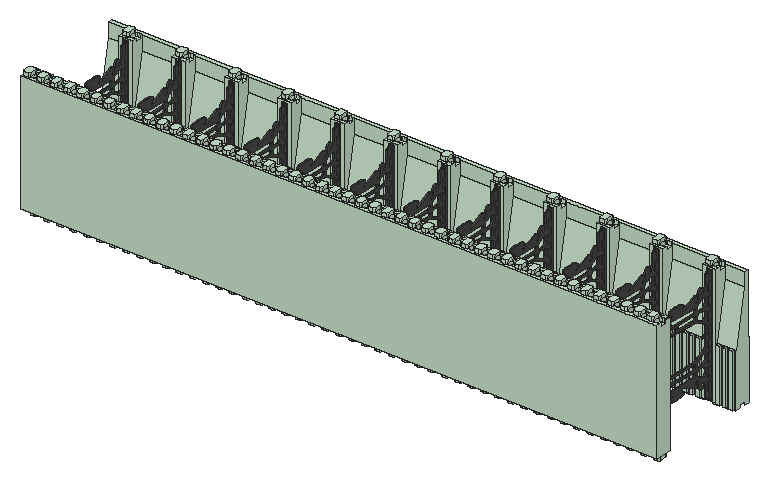
Revit family (continued)
Definition of nested family "12-inch Insert Web"
  Forms (in)
    Extrusion 2, solid, material "High Density Polystyrene"
      sketch origin (0, 0, 0) x (0, 1, 0) y (0, 0, 1)
        loop
          arc (3.63581, 3.29487) -> (3.47025, 3.76569) -> (3.96932, 3.76195) r 0.305
          arc (3.96932, 3.76195) -> (4.09808, 3.36509) -> (4.14171, 2.95014) r 2
          arc (4.14171, 2.95014) -> (4.25428, 2.50317) -> (4.60829, 2.20798) r 0.745
          arc (4.60829, 2.20798) -> (4.89426, 2.33052) -> (4.77171, 2.6165) r 0.22
          arc (4.77171, 2.6165) -> (4.73923, 3.16759) -> (5.1843, 2.84099) r 0.305
          arc (5.1843, 2.84099) -> (5.19232, 2.76711) -> (5.24086, 2.71085) r 0.125
          arc (5.24086, 2.71085) -> (5.43087, 2.511) -> (5.5, 2.24405) r 0.55
          line (5.5, 2.24405) -> (5.5, 0.66519) -> (5.6, 0.66519) -> (5.6, 0.63412)
          arc (5.6, 0.63412) -> (5.61433, 0.59952) -> (5.64893, 0.58519) r 0.04893
          line (5.64893, 0.58519) -> (5.77609, 0.58519) -> (5.825, 0.43519)
          arc (5.825, 0.43519) -> (5.875, 0.40519) -> (5.925, 0.43519) r 0.05667
          line (5.925, 0.43519) -> (6, 0.66519) -> (6, 17.20772)
        loop
          arc (3.02319, 4.29202) -> (3.16251, 4.2877) -> (3.3013, 4.27477) r 2.25
          arc (3.3013, 4.27477) -> (3.48148, 4.41353) -> (3.6, 4.60763) r 0.62421
          line (3.6, 4.60763) -> (3.6, 4.73363)
          arc (3.6, 4.73363) -> (3.4551, 4.96314) -> (3.22579, 5.10835) r 0.61747
          line (3.22579, 5.10835) -> (0, 5.10835) -> (-3.22579, 5.10835)
          arc (-3.22579, 5.10835) -> (-3.4551, 4.96314) -> (-3.6, 4.73363) r 0.61747
          line (-3.6, 4.73363) -> (-3.6, 4.60763)
          arc (-3.6, 4.60763) -> (-3.48148, 4.41353) -> (-3.3013, 4.27477) r 0.62421
          arc (-3.3013, 4.27477) -> (-3.16251, 4.2877) -> (-3.02319, 4.29202) r 2.25
          line (-3.02319, 4.29202) -> (0, 4.29202) -> (3.02319, 4.29202)
        loop
          line (4.08806, 4.02826) -> (4.96605, 3.61736)
          arc (4.96605, 3.61736) -> (5.32627, 3.64059) -> (5.5, 3.95701) r 0.375
          line (5.5, 3.95701) -> (5.5, 4.48373)
          arc (5.5, 4.48373) -> (5.31694, 4.92567) -> (4.875, 5.10873) r 0.625
          line (4.875, 5.10873) -> (4.3, 5.10873)
          arc (4.3, 5.10873) -> (3.94645, 4.96229) -> (3.8, 4.60873) r 0.5
          line (3.8, 4.60873) -> (3.8, 4.48112)
          arc (3.8, 4.48112) -> (3.87812, 4.21276) -> (4.08806, 4.02826) r 0.5
        loop
          line (5.5, 5.91373) -> (5.5, 6.44046)
          arc (5.5, 6.44046) -> (5.32627, 6.75687) -> (4.96605, 6.78011) r 0.375
          line (4.96605, 6.78011) -> (4.08806, 6.36921)
          arc (4.08806, 6.36921) -> (3.87812, 6.18471) -> (3.8, 5.91635) r 0.5
          line (3.8, 5.91635) -> (3.8, 5.78873)
          arc (3.8, 5.78873) -> (3.94645, 5.43518) -> (4.3, 5.28873) r 0.5
          line (4.3, 5.28873) -> (4.875, 5.28873)
          arc (4.875, 5.28873) -> (5.31694, 5.47179) -> (5.5, 5.91373) r 0.625
        loop
          arc (3.30123, 6.1222) -> (3.16288, 6.10935) -> (3.02401, 6.10506) r 2.25
          line (3.02401, 6.10506) -> (0, 6.10506) -> (-3.02401, 6.10506)
          arc (-3.02401, 6.10506) -> (-3.16288, 6.10935) -> (-3.30123, 6.1222) r 2.25
          arc (-3.30123, 6.1222) -> (-3.48146, 5.98344) -> (-3.6, 5.7893) r 0.62421
          line (-3.6, 5.7893) -> (-3.6, 5.66335)
          arc (-3.6, 5.66335) -> (-3.45481, 5.43354) -> (-3.225, 5.28835) r 0.61747
          line (-3.225, 5.28835) -> (0, 5.28835) -> (3.225, 5.28835)
          arc (3.225, 5.28835) -> (3.45481, 5.43354) -> (3.6, 5.66335) r 0.61747
          line (3.6, 5.66335) -> (3.6, 5.7893)
          arc (3.6, 5.7893) -> (3.48146, 5.98344) -> (3.30123, 6.1222) r 0.62421
        loop
          arc (-4.08806, 4.02826) -> (-3.87812, 4.21276) -> (-3.8, 4.48112) r 0.5
          line (-3.8, 4.48112) -> (-3.8, 4.60873)
          arc (-3.8, 4.60873) -> (-3.94645, 4.96229) -> (-4.3, 5.10873) r 0.5
          line (-4.3, 5.10873) -> (-4.875, 5.10873)
          arc (-4.875, 5.10873) -> (-5.31694, 4.92567) -> (-5.5, 4.48373) r 0.625
          line (-5.5, 4.48373) -> (-5.5, 3.95701)
          arc (-5.5, 3.95701) -> (-5.32627, 3.64059) -> (-4.96605, 3.61736) r 0.375
          line (-4.96605, 3.61736) -> (-4.08806, 4.02826)
        loop
          arc (-5.5, 5.91373) -> (-5.31694, 5.47179) -> (-4.875, 5.28873) r 0.625
          line (-4.875, 5.28873) -> (-4.3, 5.28873)
          arc (-4.3, 5.28873) -> (-3.94645, 5.43518) -> (-3.8, 5.78873) r 0.5
          line (-3.8, 5.78873) -> (-3.8, 5.91635)
          arc (-3.8, 5.91635) -> (-3.87812, 6.18471) -> (-4.08806, 6.36921) r 0.5
          line (-4.08806, 6.36921) -> (-4.96605, 6.78011)
          arc (-4.96605, 6.78011) -> (-5.32627, 6.75687) -> (-5.5, 6.44046) r 0.375
          line (-5.5, 6.44046) -> (-5.5, 5.91373)
        loop
          line (5.5, 7.54678) -> (5.5, 8.68765) -> (5.38, 8.88765) -> (5.38, 9) -> (5.38, 9.11235) -> (5.5, 9.31235) -> (5.5, 10.45322)
          arc (5.5, 10.45322) -> (5.42188, 10.72158) -> (5.21194, 10.90608) r 0.5
          line (5.21194, 10.90608) -> (3.95372, 11.49492)
          arc (3.95372, 11.49492) -> (3.48851, 11.65338) -> (3, 11.70705) r 2.25
          line (3, 11.70705) -> (0, 11.70705) -> (-3, 11.70705)
          arc (-3, 11.70705) -> (-3.48851, 11.65338) -> (-3.95372, 11.49492) r 2.25
          line (-3.95372, 11.49492) -> (-5.21194, 10.90608)
          arc (-5.21194, 10.90608) -> (-5.42188, 10.72158) -> (-5.5, 10.45322) r 0.5
          line (-5.5, 10.45322) -> (-5.5, 9.31235) -> (-5.38, 9.11235) -> (-5.38, 9) -> (-5.38, 8.88765) -> (-5.5, 8.68765) -> (-5.5, 7.54678)
          arc (-5.5, 7.54678) -> (-5.42188, 7.27842) -> (-5.21194, 7.09392) r 0.5
          line (-5.21194, 7.09392) -> (-3.95372, 6.50508)
          arc (-3.95372, 6.50508) -> (-3.48851, 6.34662) -> (-3, 6.29295) r 2.25
          line (-3, 6.29295) -> (0, 6.29295) -> (3, 6.29295)
          arc (3, 6.29295) -> (3.48851, 6.34662) -> (3.95372, 6.50508) r 2.25
          line (3.95372, 6.50508) -> (5.21194, 7.09392)
          arc (5.21194, 7.09392) -> (5.42188, 7.27842) -> (5.5, 7.54678) r 0.5
        loop
          line (3.02319, 13.70798) -> (0, 13.70798) -> (-3.02319, 13.70798)
          arc (-3.02319, 13.70798) -> (-3.16251, 13.7123) -> (-3.3013, 13.72523) r 2.25
          arc (-3.3013, 13.72523) -> (-3.48148, 13.58647) -> (-3.6, 13.39237) r 0.62421
          line (-3.6, 13.39237) -> (-3.6, 13.26637)
          arc (-3.6, 13.26637) -> (-3.4551, 13.03686) -> (-3.22579, 12.89165) r 0.61747
          line (-3.22579, 12.89165) -> (0, 12.89165) -> (3.22579, 12.89165)
          arc (3.22579, 12.89165) -> (3.4551, 13.03686) -> (3.6, 13.26637) r 0.61747
          line (3.6, 13.26637) -> (3.6, 13.39237)
          arc (3.6, 13.39237) -> (3.48148, 13.58647) -> (3.3013, 13.72523) r 0.62421
          arc (3.3013, 13.72523) -> (3.16251, 13.7123) -> (3.02319, 13.70798) r 2.25
        loop
          arc (4.08806, 13.97174) -> (3.87812, 13.78724) -> (3.8, 13.51888) r 0.5
          line (3.8, 13.51888) -> (3.8, 13.39127)
          arc (3.8, 13.39127) -> (3.94645, 13.03771) -> (4.3, 12.89127) r 0.5
          line (4.3, 12.89127) -> (4.875, 12.89127)
          arc (4.875, 12.89127) -> (5.31694, 13.07433) -> (5.5, 13.51627) r 0.625
          line (5.5, 13.51627) -> (5.5, 14.04299)
          arc (5.5, 14.04299) -> (5.32627, 14.35941) -> (4.96605, 14.38264) r 0.375
          line (4.96605, 14.38264) -> (4.08806, 13.97174)
        loop
          arc (5.5, 12.08627) -> (5.31694, 12.52821) -> (4.875, 12.71127) r 0.625
          line (4.875, 12.71127) -> (4.3, 12.71127)
          arc (4.3, 12.71127) -> (3.94645, 12.56482) -> (3.8, 12.21127) r 0.5
          line (3.8, 12.21127) -> (3.8, 12.08365)
          arc (3.8, 12.08365) -> (3.87812, 11.81529) -> (4.08806, 11.63079) r 0.5
          line (4.08806, 11.63079) -> (4.96605, 11.21989)
          arc (4.96605, 11.21989) -> (5.32627, 11.24313) -> (5.5, 11.55954) r 0.375
          line (5.5, 11.55954) -> (5.5, 12.08627)
        loop
          arc (3.30123, 11.8778) -> (3.48146, 12.01656) -> (3.6, 12.2107) r 0.62421
          line (3.6, 12.2107) -> (3.6, 12.33665)
          arc (3.6, 12.33665) -> (3.45481, 12.56646) -> (3.225, 12.71165) r 0.61747
          line (3.225, 12.71165) -> (0, 12.71165) -> (-3.225, 12.71165)
          arc (-3.225, 12.71165) -> (-3.45481, 12.56646) -> (-3.6, 12.33665) r 0.61747
          line (-3.6, 12.33665) -> (-3.6, 12.2107)
          arc (-3.6, 12.2107) -> (-3.48146, 12.01656) -> (-3.30123, 11.8778) r 0.62421
          arc (-3.30123, 11.8778) -> (-3.16288, 11.89065) -> (-3.02401, 11.89494) r 2.25
          line (-3.02401, 11.89494) -> (0, 11.89494) -> (3.02401, 11.89494)
          arc (3.02401, 11.89494) -> (3.16288, 11.89065) -> (3.30123, 11.8778) r 2.25
        loop
          line (-4.08806, 13.97174) -> (-4.96605, 14.38264)
          arc (-4.96605, 14.38264) -> (-5.32627, 14.35941) -> (-5.5, 14.04299) r 0.375
          line (-5.5, 14.04299) -> (-5.5, 13.51627)
          arc (-5.5, 13.51627) -> (-5.31694, 13.07433) -> (-4.875, 12.89127) r 0.625
          line (-4.875, 12.89127) -> (-4.3, 12.89127)
          arc (-4.3, 12.89127) -> (-3.94645, 13.03771) -> (-3.8, 13.39127) r 0.5
          line (-3.8, 13.39127) -> (-3.8, 13.51888)
          arc (-3.8, 13.51888) -> (-3.87812, 13.78724) -> (-4.08806, 13.97174) r 0.5
        loop
          line (-5.5, 12.08627) -> (-5.5, 11.55954)
          arc (-5.5, 11.55954) -> (-5.32627, 11.24313) -> (-4.96605, 11.21989) r 0.375
          line (-4.96605, 11.21989) -> (-4.08806, 11.63079)
          arc (-4.08806, 11.63079) -> (-3.87812, 11.81529) -> (-3.8, 12.08365) r 0.5
          line (-3.8, 12.08365) -> (-3.8, 12.21127)
          arc (-3.8, 12.21127) -> (-3.94645, 12.56482) -> (-4.3, 12.71127) r 0.5
          line (-4.3, 12.71127) -> (-4.875, 12.71127)
          arc (-4.875, 12.71127) -> (-5.31694, 12.52821) -> (-5.5, 12.08627) r 0.625
      from 0.125 to -0.125
    Extrusion 3, solid, material "High Density Polystyrene"
      sketch origin (0, 0, 0) x (0, 1, 0) y (0, 0, 1)
        loop
          line (6.21, 16.17792) -> (5.71, 16.17792) -> (5.71, 14.97792) -> (6.21, 14.97792) -> (6.21, 16.17792)
        loop
          line (6.21, 14.22792) -> (5.71, 14.22792) -> (5.71, 13.02792) -> (6.21, 13.02792) -> (6.21, 14.22792)
        loop
          line (6.21, 12.27792) -> (5.71, 12.27792) -> (5.71, 11.07792) -> (6.21, 11.07792) -> (6.21, 12.27792)
        loop
          line (6.21, 10.32792) -> (5.71, 10.32792) -> (5.71, 9.24792) -> (6.21, 9.24792) -> (6.21, 10.32792)
        loop
          line (6.21, 8.49792) -> (5.71, 8.49792) -> (5.71, 7.41792) -> (6.21, 7.41792) -> (6.21, 8.49792)
        loop
          line (6.21, 6.66792) -> (5.71, 6.66792) -> (5.71, 5.46792) -> (6.21, 5.46792) -> (6.21, 6.66792)
        loop
          line (6.21, 4.71792) -> (5.71, 4.71792) -> (5.71, 3.51792) -> (6.21, 3.51792) -> (6.21, 4.71792)
        loop
          line (6.21, 2.76792) -> (5.71, 2.76792) -> (5.71, 1.56792) -> (6.21, 1.56792) -> (6.21, 2.76792)
        loop
          line (-6.21, 16.17792) -> (-6.21, 14.97792) -> (-5.71, 14.97792) -> (-5.71, 16.17792) -> (-6.21, 16.17792)
        loop
          line (-6.21, 14.22792) -> (-6.21, 13.02792) -> (-5.71, 13.02792) -> (-5.71, 14.22792) -> (-6.21, 14.22792)
        loop
          line (-6.21, 12.27792) -> (-6.21, 11.07792) -> (-5.71, 11.07792) -> (-5.71, 12.27792) -> (-6.21, 12.27792)
        loop
          line (-6.21, 10.32792) -> (-6.21, 9.24792) -> (-5.71, 9.24792) -> (-5.71, 10.32792) -> (-6.21, 10.32792)
        loop
          line (-6.21, 8.49792) -> (-6.21, 7.41792) -> (-5.71, 7.41792) -> (-5.71, 8.49792) -> (-6.21, 8.49792)
        loop
          line (-6.21, 6.66792) -> (-6.21, 5.46792) -> (-5.71, 5.46792) -> (-5.71, 6.66792) -> (-6.21, 6.66792)
        loop
          line (-6.21, 4.71792) -> (-6.21, 3.51792) -> (-5.71, 3.51792) -> (-5.71, 4.71792) -> (-6.21, 4.71792)
        loop
          line (-6.21, 2.76792) -> (-6.21, 1.56792) -> (-5.71, 1.56792) -> (-5.71, 2.76792) -> (-6.21, 2.76792)
      from 0.25 to -0.25
    Extrusion 4, void
      sketch origin (0, 3, 0) x (1, 0, 0) y (0, 1, 0)
        loop
          line (-0.25, 2.79249) -> (-0.25, 2.71) -> (-0.1675, 2.71)
          arc (-0.1675, 2.71) -> (-0.22584, 2.73416) -> (-0.25, 2.79249) r 0.0825
      from 0 to 18
    Extrusion 5, void
      sketch origin (0, 3, 0) x (-1, 0, 0) y (0, -1, 0)
        loop
          arc (-0.25, -2.79249) -> (-0.22584, -2.73416) -> (-0.1675, -2.71) r 0.0825
          line (-0.1675, -2.71) -> (-0.25, -2.71) -> (-0.25, -2.79249)
      from 0 to 18
    Extrusion 6, void
      sketch origin (0, -3, 0) x (1, 0, 0) y (0, 1, 0)
        loop
          arc (-0.25, -2.79249) -> (-0.22584, -2.73416) -> (-0.1675, -2.71) r 0.0825
          line (-0.1675, -2.71) -> (-0.25, -2.71) -> (-0.25, -2.79249)
      from 0 to 18
    Extrusion 7, void
      sketch origin (0, -3, 0) x (-1, 0, 0) y (0, -1, 0)
        loop
          line (-0.25, 2.79249) -> (-0.25, 2.71) -> (-0.1675, 2.71)
          arc (-0.1675, 2.71) -> (-0.22584, 2.73416) -> (-0.25, 2.79249) r 0.0825
      from 0 to 18
  Cuts and joins
    Extrusion 4, Extrusion 5, Extrusion 6, Extrusion 7 cuts Extrusion 1
    Extrusion 4, Extrusion 5, Extrusion 6, Extrusion 7 cuts Extrusion 3
Definition of nested family "NUDURA Diamond Pattern"
  Reference planes (in)
    plane 1 "Center (Front/Back)": y = 0
    plane 2: z = 0
    plane 3 "Center (Left/Right)": x = 0
    plane 4: z = 18
  Lines and regions (in)
    model lines
      curve 1: line (8, -5.625, 18) -> (8, -5.625, 0)
      curve 2: line (6, -5.625, 18) -> (6, -5.625, 0)
      curve 3: line (2, -5.625, 18) -> (2, -5.625, 0)
      curve 4: line (3.35367, -5.625, 16.98484) -> (3.69709, -5.625, 16.64142)
      curve 5: arc (3.35367, -5.625, 17.51517) -> (3.24384, -5.625, 17.25) -> (3.35367, -5.625, 16.98484) r 0.375
      curve 6: line (3.72867, -5.625, 17.89017) -> (3.35367, -5.625, 17.51517)
      curve 7: arc (4.259, -5.625, 17.89017) -> (3.99384, -5.625, 18) -> (3.72867, -5.625, 17.89017) r 0.375
      curve 8: line (4.634, -5.625, 17.51517) -> (4.259, -5.625, 17.89017)
      curve 9: arc (4.634, -5.625, 16.98484) -> (4.74384, -5.625, 17.25) -> (4.634, -5.625, 17.51517) r 0.375
      curve 10: line (4.29059, -5.625, 16.64142) -> (4.634, -5.625, 16.98484)
      curve 11: arc (4.17062, -5.625, 17.80178) -> (3.99384, -5.625, 17.875) -> (3.81706, -5.625, 17.80178) r 0.25
      curve 12: line (4.54562, -5.625, 17.42678) -> (4.17062, -5.625, 17.80178)
      curve 13: arc (4.54562, -5.625, 17.07322) -> (4.61884, -5.625, 17.25) -> (4.54562, -5.625, 17.42678) r 0.25
      curve 14: line (4.17062, -5.625, 16.69822) -> (4.54562, -5.625, 17.07322)
      curve 15: arc (3.81706, -5.625, 16.69822) -> (3.99384, -5.625, 16.625) -> (4.17062, -5.625, 16.69822) r 0.25
      curve 16: line (3.44206, -5.625, 17.07322) -> (3.81706, -5.625, 16.69822)
      curve 17: arc (3.44206, -5.625, 17.42678) -> (3.36884, -5.625, 17.25) -> (3.44206, -5.625, 17.07322) r 0.25
      curve 18: line (3.81706, -5.625, 17.80178) -> (3.44206, -5.625, 17.42678)
      curve 19: arc (3.69709, -5.625, 16.35858) -> (3.75567, -5.625, 16.5) -> (3.69709, -5.625, 16.64142) r 0.2
      curve 20: line (4.634, -5.625, 16.01517) -> (4.29059, -5.625, 16.35858)
      curve 21: arc (4.634, -5.625, 15.48484) -> (4.74384, -5.625, 15.75) -> (4.634, -5.625, 16.01517) r 0.375
      curve 22: line (4.29059, -5.625, 15.14142) -> (4.634, -5.625, 15.48484)
      curve 23: line (3.35367, -5.625, 15.48484) -> (3.69709, -5.625, 15.14142)
      curve 24: arc (3.35367, -5.625, 16.01517) -> (3.24384, -5.625, 15.75) -> (3.35367, -5.625, 15.48484) r 0.375
      curve 25: line (3.69709, -5.625, 16.35858) -> (3.35367, -5.625, 16.01517)
      curve 26: arc (4.17062, -5.625, 16.30178) -> (3.99384, -5.625, 16.375) -> (3.81706, -5.625, 16.30178) r 0.25
      curve 27: line (3.81706, -5.625, 16.30178) -> (3.44206, -5.625, 15.92678)
      curve 28: arc (3.44206, -5.625, 15.92678) -> (3.36884, -5.625, 15.75) -> (3.44206, -5.625, 15.57322) r 0.25
      curve 29: line (3.44206, -5.625, 15.57322) -> (3.81706, -5.625, 15.19822)
      curve 30: arc (3.81706, -5.625, 15.19822) -> (3.99384, -5.625, 15.125) -> (4.17062, -5.625, 15.19822) r 0.25
      curve 31: line (4.17062, -5.625, 15.19822) -> (4.54562, -5.625, 15.57322)
      curve 32: arc (4.54562, -5.625, 15.57322) -> (4.61884, -5.625, 15.75) -> (4.54562, -5.625, 15.92678) r 0.25
      curve 33: line (4.54562, -5.625, 15.92678) -> (4.17062, -5.625, 16.30178)
      curve 34: arc (3.69709, -5.625, 14.85858) -> (3.75567, -5.625, 15) -> (3.69709, -5.625, 15.14142) r 0.2
      curve 35: line (4.634, -5.625, 14.51517) -> (4.29059, -5.625, 14.85858)
      curve 36: arc (4.634, -5.625, 13.98484) -> (4.74384, -5.625, 14.25) -> (4.634, -5.625, 14.51517) r 0.375
      curve 37: line (4.29059, -5.625, 13.64142) -> (4.634, -5.625, 13.98484)
      curve 38: line (3.35367, -5.625, 13.98484) -> (3.69709, -5.625, 13.64142)
      curve 39: arc (3.35367, -5.625, 14.51517) -> (3.24384, -5.625, 14.25) -> (3.35367, -5.625, 13.98484) r 0.375
      curve 40: line (3.69709, -5.625, 14.85858) -> (3.35367, -5.625, 14.51517)
      curve 41: arc (4.17062, -5.625, 14.80178) -> (3.99384, -5.625, 14.875) -> (3.81706, -5.625, 14.80178) r 0.25
      curve 42: line (3.81706, -5.625, 14.80178) -> (3.44206, -5.625, 14.42678)
      curve 43: arc (3.44206, -5.625, 14.42678) -> (3.36884, -5.625, 14.25) -> (3.44206, -5.625, 14.07322) r 0.25
      curve 44: line (3.44206, -5.625, 14.07322) -> (3.81706, -5.625, 13.69822)
      curve 45: arc (3.81706, -5.625, 13.69822) -> (3.99384, -5.625, 13.625) -> (4.17062, -5.625, 13.69822) r 0.25
      curve 46: line (4.17062, -5.625, 13.69822) -> (4.54562, -5.625, 14.07322)
      curve 47: arc (4.54562, -5.625, 14.07322) -> (4.61884, -5.625, 14.25) -> (4.54562, -5.625, 14.42678) r 0.25
      curve 48: line (4.54562, -5.625, 14.42678) -> (4.17062, -5.625, 14.80178)
      curve 49: arc (3.69709, -5.625, 13.35858) -> (3.75567, -5.625, 13.5) -> (3.69709, -5.625, 13.64142) r 0.2
      curve 50: line (4.634, -5.625, 13.01517) -> (4.29059, -5.625, 13.35858)
      curve 51: arc (4.634, -5.625, 12.48484) -> (4.74384, -5.625, 12.75) -> (4.634, -5.625, 13.01517) r 0.375
      curve 52: line (4.29059, -5.625, 12.14142) -> (4.634, -5.625, 12.48484)
      curve 53: line (3.35367, -5.625, 12.48484) -> (3.69709, -5.625, 12.14142)
      curve 54: arc (3.35367, -5.625, 13.01517) -> (3.24384, -5.625, 12.75) -> (3.35367, -5.625, 12.48484) r 0.375
      curve 55: line (3.69709, -5.625, 13.35858) -> (3.35367, -5.625, 13.01517)
      curve 56: arc (4.17062, -5.625, 13.30178) -> (3.99384, -5.625, 13.375) -> (3.81706, -5.625, 13.30178) r 0.25
      curve 57: line (3.81706, -5.625, 13.30178) -> (3.44206, -5.625, 12.92678)
      curve 58: arc (3.44206, -5.625, 12.92678) -> (3.36884, -5.625, 12.75) -> (3.44206, -5.625, 12.57322) r 0.25
      curve 59: line (3.44206, -5.625, 12.57322) -> (3.81706, -5.625, 12.19822)
      curve 60: arc (3.81706, -5.625, 12.19822) -> (3.99384, -5.625, 12.125) -> (4.17062, -5.625, 12.19822) r 0.25
      curve 61: line (4.17062, -5.625, 12.19822) -> (4.54562, -5.625, 12.57322)
      curve 62: arc (4.54562, -5.625, 12.57322) -> (4.61884, -5.625, 12.75) -> (4.54562, -5.625, 12.92678) r 0.25
      curve 63: line (4.54562, -5.625, 12.92678) -> (4.17062, -5.625, 13.30178)
      curve 64: arc (3.69709, -5.625, 11.85858) -> (3.75567, -5.625, 12) -> (3.69709, -5.625, 12.14142) r 0.2
      curve 65: line (4.634, -5.625, 11.51517) -> (4.29059, -5.625, 11.85858)
      curve 66: arc (4.634, -5.625, 10.98484) -> (4.74384, -5.625, 11.25) -> (4.634, -5.625, 11.51517) r 0.375
      curve 67: line (4.29059, -5.625, 10.64142) -> (4.634, -5.625, 10.98484)
      curve 68: line (3.35367, -5.625, 10.98484) -> (3.69709, -5.625, 10.64142)
      curve 69: arc (3.35367, -5.625, 11.51517) -> (3.24384, -5.625, 11.25) -> (3.35367, -5.625, 10.98484) r 0.375
      curve 70: line (3.69709, -5.625, 11.85858) -> (3.35367, -5.625, 11.51517)
      curve 71: arc (4.17062, -5.625, 11.80178) -> (3.99384, -5.625, 11.875) -> (3.81706, -5.625, 11.80178) r 0.25
      curve 72: line (3.81706, -5.625, 11.80178) -> (3.44206, -5.625, 11.42678)
      curve 73: arc (3.44206, -5.625, 11.42678) -> (3.36884, -5.625, 11.25) -> (3.44206, -5.625, 11.07322) r 0.25
      curve 74: line (3.44206, -5.625, 11.07322) -> (3.81706, -5.625, 10.69822)
      curve 75: arc (3.81706, -5.625, 10.69822) -> (3.99384, -5.625, 10.625) -> (4.17062, -5.625, 10.69822) r 0.25
      curve 76: line (4.17062, -5.625, 10.69822) -> (4.54562, -5.625, 11.07322)
      curve 77: arc (4.54562, -5.625, 11.07322) -> (4.61884, -5.625, 11.25) -> (4.54562, -5.625, 11.42678) r 0.25
      curve 78: line (4.54562, -5.625, 11.42678) -> (4.17062, -5.625, 11.80178)
      curve 79: arc (3.69709, -5.625, 10.35858) -> (3.75567, -5.625, 10.5) -> (3.69709, -5.625, 10.64142) r 0.2
      curve 80: line (4.634, -5.625, 10.01517) -> (4.29059, -5.625, 10.35858)
      curve 81: arc (4.634, -5.625, 9.48484) -> (4.74384, -5.625, 9.75) -> (4.634, -5.625, 10.01517) r 0.375
      curve 82: line (4.29059, -5.625, 9.14142) -> (4.634, -5.625, 9.48484)
      curve 83: line (3.35367, -5.625, 9.48484) -> (3.69709, -5.625, 9.14142)
      curve 84: arc (3.35367, -5.625, 10.01517) -> (3.24384, -5.625, 9.75) -> (3.35367, -5.625, 9.48484) r 0.375
      curve 85: line (3.69709, -5.625, 10.35858) -> (3.35367, -5.625, 10.01517)
      curve 86: arc (4.17062, -5.625, 10.30178) -> (3.99384, -5.625, 10.375) -> (3.81706, -5.625, 10.30178) r 0.25
      curve 87: line (3.81706, -5.625, 10.30178) -> (3.44206, -5.625, 9.92678)
      curve 88: arc (3.44206, -5.625, 9.92678) -> (3.36884, -5.625, 9.75) -> (3.44206, -5.625, 9.57322) r 0.25
      curve 89: line (3.44206, -5.625, 9.57322) -> (3.81706, -5.625, 9.19822)
      curve 90: arc (3.81706, -5.625, 9.19822) -> (3.99384, -5.625, 9.125) -> (4.17062, -5.625, 9.19822) r 0.25
      curve 91: line (4.17062, -5.625, 9.19822) -> (4.54562, -5.625, 9.57322)
      curve 92: arc (4.54562, -5.625, 9.57322) -> (4.61884, -5.625, 9.75) -> (4.54562, -5.625, 9.92678) r 0.25
      curve 93: line (4.54562, -5.625, 9.92678) -> (4.17062, -5.625, 10.30178)
      curve 94: arc (3.69709, -5.625, 8.85858) -> (3.75567, -5.625, 9) -> (3.69709, -5.625, 9.14142) r 0.2
      curve 95: line (4.634, -5.625, 8.51517) -> (4.29059, -5.625, 8.85858)
      curve 96: arc (4.634, -5.625, 7.98484) -> (4.74384, -5.625, 8.25) -> (4.634, -5.625, 8.51517) r 0.375
      curve 97: line (4.29059, -5.625, 7.64142) -> (4.634, -5.625, 7.98484)
      curve 98: line (3.35367, -5.625, 7.98484) -> (3.69709, -5.625, 7.64142)
      curve 99: arc (3.35367, -5.625, 8.51517) -> (3.24384, -5.625, 8.25) -> (3.35367, -5.625, 7.98484) r 0.375
      curve 100: line (3.69709, -5.625, 8.85858) -> (3.35367, -5.625, 8.51517)
      curve 101: arc (4.17062, -5.625, 8.80178) -> (3.99384, -5.625, 8.875) -> (3.81706, -5.625, 8.80178) r 0.25
      curve 102: line (3.81706, -5.625, 8.80178) -> (3.44206, -5.625, 8.42678)
      curve 103: arc (3.44206, -5.625, 8.42678) -> (3.36884, -5.625, 8.25) -> (3.44206, -5.625, 8.07322) r 0.25
      curve 104: line (3.44206, -5.625, 8.07322) -> (3.81706, -5.625, 7.69822)
      curve 105: arc (3.81706, -5.625, 7.69822) -> (3.99384, -5.625, 7.625) -> (4.17062, -5.625, 7.69822) r 0.25
      curve 106: line (4.17062, -5.625, 7.69822) -> (4.54562, -5.625, 8.07322)
      curve 107: arc (4.54562, -5.625, 8.07322) -> (4.61884, -5.625, 8.25) -> (4.54562, -5.625, 8.42678) r 0.25
      curve 108: line (4.54562, -5.625, 8.42678) -> (4.17062, -5.625, 8.80178)
      curve 109: arc (3.69709, -5.625, 7.35858) -> (3.75567, -5.625, 7.5) -> (3.69709, -5.625, 7.64142) r 0.2
      curve 110: line (4.634, -5.625, 7.01517) -> (4.29059, -5.625, 7.35858)
      curve 111: arc (4.634, -5.625, 6.48484) -> (4.74384, -5.625, 6.75) -> (4.634, -5.625, 7.01517) r 0.375
      curve 112: line (4.29059, -5.625, 6.14142) -> (4.634, -5.625, 6.48484)
      curve 113: line (3.35367, -5.625, 6.48484) -> (3.69709, -5.625, 6.14142)
      curve 114: arc (3.35367, -5.625, 7.01517) -> (3.24384, -5.625, 6.75) -> (3.35367, -5.625, 6.48484) r 0.375
      curve 115: line (3.69709, -5.625, 7.35858) -> (3.35367, -5.625, 7.01517)
      curve 116: arc (4.17062, -5.625, 7.30178) -> (3.99384, -5.625, 7.375) -> (3.81706, -5.625, 7.30178) r 0.25
      curve 117: line (3.81706, -5.625, 7.30178) -> (3.44206, -5.625, 6.92678)
      curve 118: arc (3.44206, -5.625, 6.92678) -> (3.36884, -5.625, 6.75) -> (3.44206, -5.625, 6.57322) r 0.25
      curve 119: line (3.44206, -5.625, 6.57322) -> (3.81706, -5.625, 6.19822)
      curve 120: arc (3.81706, -5.625, 6.19822) -> (3.99384, -5.625, 6.125) -> (4.17062, -5.625, 6.19822) r 0.25
      curve 121: line (4.17062, -5.625, 6.19822) -> (4.54562, -5.625, 6.57322)
      curve 122: arc (4.54562, -5.625, 6.57322) -> (4.61884, -5.625, 6.75) -> (4.54562, -5.625, 6.92678) r 0.25
      curve 123: line (4.54562, -5.625, 6.92678) -> (4.17062, -5.625, 7.30178)
      curve 124: arc (3.69709, -5.625, 5.85858) -> (3.75567, -5.625, 6) -> (3.69709, -5.625, 6.14142) r 0.2
      curve 125: line (4.634, -5.625, 5.51517) -> (4.29059, -5.625, 5.85858)
      curve 126: arc (4.634, -5.625, 4.98484) -> (4.74384, -5.625, 5.25) -> (4.634, -5.625, 5.51517) r 0.375
      curve 127: line (4.29059, -5.625, 4.64142) -> (4.634, -5.625, 4.98484)
      curve 128: line (3.35367, -5.625, 4.98484) -> (3.69709, -5.625, 4.64142)
      curve 129: arc (3.35367, -5.625, 5.51517) -> (3.24384, -5.625, 5.25) -> (3.35367, -5.625, 4.98484) r 0.375
      curve 130: line (3.69709, -5.625, 5.85858) -> (3.35367, -5.625, 5.51517)
      curve 131: arc (4.17062, -5.625, 5.80178) -> (3.99384, -5.625, 5.875) -> (3.81706, -5.625, 5.80178) r 0.25
      curve 132: line (3.81706, -5.625, 5.80178) -> (3.44206, -5.625, 5.42678)
      curve 133: arc (3.44206, -5.625, 5.42678) -> (3.36884, -5.625, 5.25) -> (3.44206, -5.625, 5.07322) r 0.25
      curve 134: line (3.44206, -5.625, 5.07322) -> (3.81706, -5.625, 4.69822)
      curve 135: arc (3.81706, -5.625, 4.69822) -> (3.99384, -5.625, 4.625) -> (4.17062, -5.625, 4.69822) r 0.25
      curve 136: line (4.17062, -5.625, 4.69822) -> (4.54562, -5.625, 5.07322)
      curve 137: arc (4.54562, -5.625, 5.07322) -> (4.61884, -5.625, 5.25) -> (4.54562, -5.625, 5.42678) r 0.25
      curve 138: line (4.54562, -5.625, 5.42678) -> (4.17062, -5.625, 5.80178)
      curve 139: arc (3.69709, -5.625, 4.35858) -> (3.75567, -5.625, 4.5) -> (3.69709, -5.625, 4.64142) r 0.2
      curve 140: line (4.634, -5.625, 4.01517) -> (4.29059, -5.625, 4.35858)
      curve 141: arc (4.634, -5.625, 3.48484) -> (4.74384, -5.625, 3.75) -> (4.634, -5.625, 4.01517) r 0.375
      curve 142: line (4.29059, -5.625, 3.14142) -> (4.634, -5.625, 3.48484)
      curve 143: line (3.35367, -5.625, 3.48484) -> (3.69709, -5.625, 3.14142)
      curve 144: arc (3.35367, -5.625, 4.01517) -> (3.24384, -5.625, 3.75) -> (3.35367, -5.625, 3.48484) r 0.375
      curve 145: line (3.69709, -5.625, 4.35858) -> (3.35367, -5.625, 4.01517)
      curve 146: arc (4.17062, -5.625, 4.30178) -> (3.99384, -5.625, 4.375) -> (3.81706, -5.625, 4.30178) r 0.25
      curve 147: line (3.81706, -5.625, 4.30178) -> (3.44206, -5.625, 3.92678)
      curve 148: arc (3.44206, -5.625, 3.92678) -> (3.36884, -5.625, 3.75) -> (3.44206, -5.625, 3.57322) r 0.25
      curve 149: line (3.44206, -5.625, 3.57322) -> (3.81706, -5.625, 3.19822)
      curve 150: arc (3.81706, -5.625, 3.19822) -> (3.99384, -5.625, 3.125) -> (4.17062, -5.625, 3.19822) r 0.25
      curve 151: line (4.17062, -5.625, 3.19822) -> (4.54562, -5.625, 3.57322)
      curve 152: arc (4.54562, -5.625, 3.57322) -> (4.61884, -5.625, 3.75) -> (4.54562, -5.625, 3.92678) r 0.25
      curve 153: line (4.54562, -5.625, 3.92678) -> (4.17062, -5.625, 4.30178)
      curve 154: arc (3.69709, -5.625, 2.85858) -> (3.75567, -5.625, 3) -> (3.69709, -5.625, 3.14142) r 0.2
      curve 155: line (4.634, -5.625, 2.51517) -> (4.29059, -5.625, 2.85858)
      curve 156: arc (4.634, -5.625, 1.98484) -> (4.74384, -5.625, 2.25) -> (4.634, -5.625, 2.51517) r 0.375
      curve 157: line (4.29059, -5.625, 1.64142) -> (4.634, -5.625, 1.98484)
      curve 158: line (3.35367, -5.625, 1.98484) -> (3.69709, -5.625, 1.64142)
      curve 159: arc (3.35367, -5.625, 2.51517) -> (3.24384, -5.625, 2.25) -> (3.35367, -5.625, 1.98484) r 0.375
      curve 160: line (3.69709, -5.625, 2.85858) -> (3.35367, -5.625, 2.51517)
      curve 161: arc (4.17062, -5.625, 2.80178) -> (3.99384, -5.625, 2.875) -> (3.81706, -5.625, 2.80178) r 0.25
      curve 162: line (3.81706, -5.625, 2.80178) -> (3.44206, -5.625, 2.42678)
      curve 163: arc (3.44206, -5.625, 2.42678) -> (3.36884, -5.625, 2.25) -> (3.44206, -5.625, 2.07322) r 0.25
      curve 164: line (3.44206, -5.625, 2.07322) -> (3.81706, -5.625, 1.69822)
      curve 165: arc (3.81706, -5.625, 1.69822) -> (3.99384, -5.625, 1.625) -> (4.17062, -5.625, 1.69822) r 0.25
      curve 166: line (4.17062, -5.625, 1.69822) -> (4.54562, -5.625, 2.07322)
      curve 167: arc (4.54562, -5.625, 2.07322) -> (4.61884, -5.625, 2.25) -> (4.54562, -5.625, 2.42678) r 0.25
      curve 168: line (4.54562, -5.625, 2.42678) -> (4.17062, -5.625, 2.80178)
      curve 169: arc (3.69709, -5.625, 1.35858) -> (3.75567, -5.625, 1.5) -> (3.69709, -5.625, 1.64142) r 0.2
      curve 170: line (3.69709, -5.625, 1.35858) -> (3.35367, -5.625, 1.01517)
      curve 171: arc (3.35367, -5.625, 1.01517) -> (3.24384, -5.625, 0.75) -> (3.35367, -5.625, 0.48484) r 0.375
      curve 172: line (3.35367, -5.625, 0.48484) -> (3.72867, -5.625, 0.10984)
      curve 173: arc (3.72867, -5.625, 0.10984) -> (3.99384, -5.625, 0) -> (4.259, -5.625, 0.10984) r 0.375
      curve 174: line (4.259, -5.625, 0.10984) -> (4.634, -5.625, 0.48484)
      curve 175: arc (4.634, -5.625, 0.48484) -> (4.74384, -5.625, 0.75) -> (4.634, -5.625, 1.01517) r 0.375
      curve 176: line (4.634, -5.625, 1.01517) -> (4.29059, -5.625, 1.35858)
      curve 177: arc (4.29059, -5.625, 1.64142) -> (4.23201, -5.625, 1.5) -> (4.29059, -5.625, 1.35858) r 0.2
      curve 178: arc (4.17062, -5.625, 1.30178) -> (3.99384, -5.625, 1.375) -> (3.81706, -5.625, 1.30178) r 0.25
      curve 179: line (4.54562, -5.625, 0.92678) -> (4.17062, -5.625, 1.30178)
      curve 180: arc (4.54562, -5.625, 0.57322) -> (4.61884, -5.625, 0.75) -> (4.54562, -5.625, 0.92678) r 0.25
      curve 181: line (4.17062, -5.625, 0.19822) -> (4.54562, -5.625, 0.57322)
      curve 182: arc (3.81706, -5.625, 0.19822) -> (3.99384, -5.625, 0.125) -> (4.17062, -5.625, 0.19822) r 0.25
      curve 183: line (3.44206, -5.625, 0.57322) -> (3.81706, -5.625, 0.19822)
      curve 184: arc (3.44206, -5.625, 0.92678) -> (3.36884, -5.625, 0.75) -> (3.44206, -5.625, 0.57322) r 0.25
      curve 185: line (3.81706, -5.625, 1.30178) -> (3.44206, -5.625, 0.92678)
      curve 186: arc (4.29059, -5.625, 3.14142) -> (4.23201, -5.625, 3) -> (4.29059, -5.625, 2.85858) r 0.2
      curve 187: arc (4.29059, -5.625, 4.64142) -> (4.23201, -5.625, 4.5) -> (4.29059, -5.625, 4.35858) r 0.2
      curve 188: arc (4.29059, -5.625, 6.14142) -> (4.23201, -5.625, 6) -> (4.29059, -5.625, 5.85858) r 0.2
      curve 189: arc (4.29059, -5.625, 7.64142) -> (4.23201, -5.625, 7.5) -> (4.29059, -5.625, 7.35858) r 0.2
      curve 190: arc (4.29059, -5.625, 9.14142) -> (4.23201, -5.625, 9) -> (4.29059, -5.625, 8.85858) r 0.2
      curve 191: arc (4.29059, -5.625, 10.64142) -> (4.23201, -5.625, 10.5) -> (4.29059, -5.625, 10.35858) r 0.2
      curve 192: arc (4.29059, -5.625, 12.14142) -> (4.23201, -5.625, 12) -> (4.29059, -5.625, 11.85858) r 0.2
      curve 193: arc (4.29059, -5.625, 13.64142) -> (4.23201, -5.625, 13.5) -> (4.29059, -5.625, 13.35858) r 0.2
      curve 194: arc (4.29059, -5.625, 15.14142) -> (4.23201, -5.625, 15) -> (4.29059, -5.625, 14.85858) r 0.2
      curve 195: arc (4.29059, -5.625, 16.64142) -> (4.23201, -5.625, 16.5) -> (4.29059, -5.625, 16.35858) r 0.2
Definition of nested family "NUDURA Logo Diamond"
  Reference planes (in)
    plane 1 "Center (Front/Back)": y = 0
    plane 2: z = 0
    plane 3 "Center (Left/Right)": x = 0
  Lines and regions (in)
    model lines
      curve 1: line (12.59848, 0, 17.50104) -> (12.24492, 0, 17.85459)
      curve 2: line (12.36113, 0, 16.76872) -> (12.59848, 0, 17.00607)
      curve 3: line (12.59848, 0, 16.00104) -> (12.36113, 0, 16.23839)
      curve 4: line (12.36113, 0, 15.26872) -> (12.59848, 0, 15.50607)
      curve 5: line (12.59848, 0, 14.50104) -> (12.36113, 0, 14.73839)
      curve 6: line (12.36113, 0, 13.76872) -> (12.59848, 0, 14.00607)
      curve 7: line (12.17421, 0, 13.28388) -> (12.71208, 0, 12.74602)
      curve 8: line (12.71208, 0, 12.74602) -> (12.78279, 0, 12.81673)
      curve 9: line (11.28279, 0, 12.74602) -> (11.82066, 0, 13.28388)
      curve 10: line (11.63374, 0, 13.23839) -> (11.21208, 0, 12.81673)
      curve 11: line (11.3964, 0, 14.00607) -> (11.63374, 0, 13.76872)
      curve 12: line (11.63374, 0, 14.73839) -> (11.3964, 0, 14.50104)
      curve 13: line (11.3964, 0, 15.50607) -> (11.63374, 0, 15.26872)
      curve 14: line (11.63374, 0, 16.23839) -> (11.3964, 0, 16.00104)
      curve 15: line (11.3964, 0, 17.00607) -> (11.63374, 0, 16.76872)
      curve 16: line (11.74995, 0, 17.85459) -> (11.3964, 0, 17.50104)
      curve 17: line (11.82066, 0, 17.78388) -> (11.46711, 0, 17.43033)
      curve 18: line (12.52777, 0, 17.43033) -> (12.17421, 0, 17.78388)
      curve 19: line (12.17421, 0, 16.72322) -> (12.52777, 0, 17.07678)
      curve 20: line (11.46711, 0, 17.07678) -> (11.82066, 0, 16.72322)
      curve 21: arc (11.3964, 0, 17.50104) -> (11.29388, 0, 17.25355) -> (11.3964, 0, 17.00607) r 0.35
      curve 22: arc (11.74995, 0, 17.85459) -> (11.99744, 0, 17.95711) -> (12.24492, 0, 17.85459) r 0.35
      curve 23: arc (11.46711, 0, 17.43033) -> (11.39388, 0, 17.25355) -> (11.46711, 0, 17.07678) r 0.25
      curve 24: arc (12.52777, 0, 17.43033) -> (12.60099, 0, 17.25355) -> (12.52777, 0, 17.07678) r 0.25
      curve 25: arc (12.17421, 0, 16.72322) -> (11.99744, 0, 16.65) -> (11.82066, 0, 16.72322) r 0.25
      curve 26: arc (11.82066, 0, 17.78388) -> (11.99744, 0, 17.85711) -> (12.17421, 0, 17.78388) r 0.25
      curve 27: arc (12.59848, 0, 17.50104) -> (12.70099, 0, 17.25355) -> (12.59848, 0, 17.00607) r 0.35
      curve 28: arc (11.63374, 0, 16.76872) -> (11.74358, 0, 16.50355) -> (11.63374, 0, 16.23839) r 0.375
      curve 29: arc (12.36113, 0, 16.76872) -> (12.2513, 0, 16.50355) -> (12.36113, 0, 16.23839) r 0.375
      curve 30: line (12.36113, 0, 15.26872) -> (12.59848, 0, 15.50607)
      curve 31: line (11.3964, 0, 15.50607) -> (11.63374, 0, 15.26872)
      curve 32: line (11.82066, 0, 16.28388) -> (11.46711, 0, 15.93033)
      curve 33: line (12.52777, 0, 15.93033) -> (12.17421, 0, 16.28388)
      curve 34: line (12.17421, 0, 15.22322) -> (12.52777, 0, 15.57678)
      curve 35: line (11.46711, 0, 15.57678) -> (11.82066, 0, 15.22322)
      curve 36: arc (11.3964, 0, 16.00104) -> (11.29388, 0, 15.75355) -> (11.3964, 0, 15.50607) r 0.35
      curve 37: arc (11.46711, 0, 15.93033) -> (11.39388, 0, 15.75355) -> (11.46711, 0, 15.57678) r 0.25
      curve 38: arc (12.52777, 0, 15.93033) -> (12.60099, 0, 15.75355) -> (12.52777, 0, 15.57678) r 0.25
      curve 39: arc (12.17421, 0, 15.22322) -> (11.99744, 0, 15.15) -> (11.82066, 0, 15.22322) r 0.25
      curve 40: arc (11.82066, 0, 16.28388) -> (11.99744, 0, 16.35711) -> (12.17421, 0, 16.28388) r 0.25
      curve 41: arc (12.59848, 0, 16.00104) -> (12.70099, 0, 15.75355) -> (12.59848, 0, 15.50607) r 0.35
      curve 42: line (11.63374, 0, 16.23839) -> (11.3964, 0, 16.00104)
      curve 43: line (12.59848, 0, 16.00104) -> (12.36113, 0, 16.23839)
      curve 44: arc (11.63374, 0, 15.26872) -> (11.74358, 0, 15.00355) -> (11.63374, 0, 14.73839) r 0.375
      curve 45: arc (12.36113, 0, 15.26872) -> (12.2513, 0, 15.00355) -> (12.36113, 0, 14.73839) r 0.375
      curve 46: line (12.36113, 0, 13.76872) -> (12.59848, 0, 14.00607)
      curve 47: line (11.3964, 0, 14.00607) -> (11.63374, 0, 13.76872)
      curve 48: line (11.82066, 0, 14.78388) -> (11.46711, 0, 14.43033)
      curve 49: line (12.52777, 0, 14.43033) -> (12.17421, 0, 14.78388)
      curve 50: line (12.17421, 0, 13.72322) -> (12.52777, 0, 14.07678)
      curve 51: line (11.46711, 0, 14.07678) -> (11.82066, 0, 13.72322)
      curve 52: arc (11.3964, 0, 14.50104) -> (11.29388, 0, 14.25355) -> (11.3964, 0, 14.00607) r 0.35
      curve 53: arc (11.46711, 0, 14.43033) -> (11.39388, 0, 14.25355) -> (11.46711, 0, 14.07678) r 0.25
      curve 54: arc (12.52777, 0, 14.43033) -> (12.60099, 0, 14.25355) -> (12.52777, 0, 14.07678) r 0.25
      curve 55: arc (12.17421, 0, 13.72322) -> (11.99744, 0, 13.65) -> (11.82066, 0, 13.72322) r 0.25
      curve 56: arc (11.82066, 0, 14.78388) -> (11.99744, 0, 14.85711) -> (12.17421, 0, 14.78388) r 0.25
      curve 57: arc (12.59848, 0, 14.50104) -> (12.70099, 0, 14.25355) -> (12.59848, 0, 14.00607) r 0.35
      curve 58: line (11.63374, 0, 14.73839) -> (11.3964, 0, 14.50104)
      curve 59: arc (11.63374, 0, 13.76872) -> (11.74358, 0, 13.50355) -> (11.63374, 0, 13.23839) r 0.375
      curve 60: arc (12.36113, 0, 13.76872) -> (12.2513, 0, 13.50355) -> (12.36113, 0, 13.23839) r 0.375
      curve 61: line (12.78279, 0, 12.81673) -> (12.36113, 0, 13.23839)
      curve 62: line (11.21208, 0, 12.81673) -> (11.28279, 0, 12.74602)
      curve 63: arc (11.82066, 0, 13.28388) -> (11.99744, 0, 13.35711) -> (12.17421, 0, 13.28388) r 0.25
      curve 64: line (12.59848, 0, 0.50607) -> (12.24492, 0, 0.15251)
      curve 65: line (12.36113, 0, 1.23839) -> (12.59848, 0, 1.00104)
      curve 66: line (12.59848, 0, 2.00607) -> (12.36113, 0, 1.76872)
      curve 67: line (12.36113, 0, 2.73839) -> (12.59848, 0, 2.50104)
      curve 68: line (12.59848, 0, 3.50607) -> (12.36113, 0, 3.26872)
      curve 69: line (12.36113, 0, 4.23839) -> (12.59848, 0, 4.00104)
      curve 70: line (12.17421, 0, 4.72322) -> (12.71208, 0, 5.26109)
      curve 71: line (12.71208, 0, 5.26109) -> (12.78279, 0, 5.19038)
      curve 72: line (11.28279, 0, 5.26109) -> (11.82066, 0, 4.72322)
      curve 73: line (11.63374, 0, 4.76872) -> (11.21208, 0, 5.19038)
      curve 74: line (11.3964, 0, 4.00104) -> (11.63374, 0, 4.23839)
      curve 75: line (11.63374, 0, 3.26872) -> (11.3964, 0, 3.50607)
      curve 76: line (11.3964, 0, 2.50104) -> (11.63374, 0, 2.73839)
      curve 77: line (11.63374, 0, 1.76872) -> (11.3964, 0, 2.00607)
      curve 78: line (11.3964, 0, 1.00104) -> (11.63374, 0, 1.23839)
      curve 79: line (11.74995, 0, 0.15251) -> (11.3964, 0, 0.50607)
      curve 80: line (11.82066, 0, 0.22322) -> (11.46711, 0, 0.57678)
      curve 81: line (12.52777, 0, 0.57678) -> (12.17421, 0, 0.22322)
      curve 82: line (12.17421, 0, 1.28388) -> (12.52777, 0, 0.93033)
      curve 83: line (11.46711, 0, 0.93033) -> (11.82066, 0, 1.28388)
      curve 84: arc (11.3964, 0, 0.50607) -> (11.29388, 0, 0.75355) -> (11.3964, 0, 1.00104) r 0.35
      curve 85: arc (11.74995, 0, 0.15251) -> (11.99744, 0, 0.05) -> (12.24492, 0, 0.15251) r 0.35
      curve 86: arc (11.46711, 0, 0.57678) -> (11.39388, 0, 0.75355) -> (11.46711, 0, 0.93033) r 0.25
      curve 87: arc (12.52777, 0, 0.57678) -> (12.60099, 0, 0.75355) -> (12.52777, 0, 0.93033) r 0.25
      curve 88: arc (12.17421, 0, 1.28388) -> (11.99744, 0, 1.35711) -> (11.82066, 0, 1.28388) r 0.25
      curve 89: arc (11.82066, 0, 0.22322) -> (11.99744, 0, 0.15) -> (12.17421, 0, 0.22322) r 0.25
      curve 90: arc (12.59848, 0, 0.50607) -> (12.70099, 0, 0.75355) -> (12.59848, 0, 1.00104) r 0.35
      curve 91: arc (11.63374, 0, 1.23839) -> (11.74358, 0, 1.50355) -> (11.63374, 0, 1.76872) r 0.375
      curve 92: arc (12.36113, 0, 1.23839) -> (12.2513, 0, 1.50355) -> (12.36113, 0, 1.76872) r 0.375
      curve 93: line (12.36113, 0, 2.73839) -> (12.59848, 0, 2.50104)
      curve 94: line (11.3964, 0, 2.50104) -> (11.63374, 0, 2.73839)
      curve 95: line (11.82066, 0, 1.72322) -> (11.46711, 0, 2.07678)
      curve 96: line (12.52777, 0, 2.07678) -> (12.17421, 0, 1.72322)
      curve 97: line (12.17421, 0, 2.78388) -> (12.52777, 0, 2.43033)
      curve 98: line (11.46711, 0, 2.43033) -> (11.82066, 0, 2.78388)
      curve 99: arc (11.3964, 0, 2.00607) -> (11.29388, 0, 2.25355) -> (11.3964, 0, 2.50104) r 0.35
      curve 100: arc (11.46711, 0, 2.07678) -> (11.39388, 0, 2.25355) -> (11.46711, 0, 2.43033) r 0.25
      curve 101: arc (12.52777, 0, 2.07678) -> (12.60099, 0, 2.25355) -> (12.52777, 0, 2.43033) r 0.25
      curve 102: arc (12.17421, 0, 2.78388) -> (11.99744, 0, 2.85711) -> (11.82066, 0, 2.78388) r 0.25
      curve 103: arc (11.82066, 0, 1.72322) -> (11.99744, 0, 1.65) -> (12.17421, 0, 1.72322) r 0.25
      curve 104: arc (12.59848, 0, 2.00607) -> (12.70099, 0, 2.25355) -> (12.59848, 0, 2.50104) r 0.35
      curve 105: line (11.63374, 0, 1.76872) -> (11.3964, 0, 2.00607)
      curve 106: line (12.59848, 0, 2.00607) -> (12.36113, 0, 1.76872)
      curve 107: arc (11.63374, 0, 2.73839) -> (11.74358, 0, 3.00355) -> (11.63374, 0, 3.26872) r 0.375
      curve 108: arc (12.36113, 0, 2.73839) -> (12.2513, 0, 3.00355) -> (12.36113, 0, 3.26872) r 0.375
      curve 109: line (12.36113, 0, 4.23839) -> (12.59848, 0, 4.00104)
      curve 110: line (11.3964, 0, 4.00104) -> (11.63374, 0, 4.23839)
      curve 111: line (11.82066, 0, 3.22322) -> (11.46711, 0, 3.57678)
      curve 112: line (12.52777, 0, 3.57678) -> (12.17421, 0, 3.22322)
      curve 113: line (12.17421, 0, 4.28388) -> (12.52777, 0, 3.93033)
      curve 114: line (11.46711, 0, 3.93033) -> (11.82066, 0, 4.28388)
      curve 115: arc (11.3964, 0, 3.50607) -> (11.29388, 0, 3.75355) -> (11.3964, 0, 4.00104) r 0.35
      curve 116: arc (11.46711, 0, 3.57678) -> (11.39388, 0, 3.75355) -> (11.46711, 0, 3.93033) r 0.25
      curve 117: arc (12.52777, 0, 3.57678) -> (12.60099, 0, 3.75355) -> (12.52777, 0, 3.93033) r 0.25
      curve 118: arc (12.17421, 0, 4.28388) -> (11.99744, 0, 4.35711) -> (11.82066, 0, 4.28388) r 0.25
      curve 119: arc (11.82066, 0, 3.22322) -> (11.99744, 0, 3.15) -> (12.17421, 0, 3.22322) r 0.25
      curve 120: arc (12.59848, 0, 3.50607) -> (12.70099, 0, 3.75355) -> (12.59848, 0, 4.00104) r 0.35
      curve 121: line (11.63374, 0, 3.26872) -> (11.3964, 0, 3.50607)
      curve 122: arc (11.63374, 0, 4.23839) -> (11.74358, 0, 4.50355) -> (11.63374, 0, 4.76872) r 0.375
      curve 123: arc (12.36113, 0, 4.23839) -> (12.2513, 0, 4.50355) -> (12.36113, 0, 4.76872) r 0.375
      curve 124: line (12.78279, 0, 5.19038) -> (12.36113, 0, 4.76872)
      curve 125: line (11.21208, 0, 5.19038) -> (11.28279, 0, 5.26109)
      curve 126: arc (11.82066, 0, 4.72322) -> (11.99744, 0, 4.65) -> (12.17421, 0, 4.72322) r 0.25
      curve 127: line (12.37244, 0, 12.50355) -> (11.62244, 0, 12.50355)
      curve 128: line (12.74744, 0, 5.87855) -> (12.74744, 0, 12.12855)
      curve 129: line (11.24744, 0, 12.12855) -> (11.24744, 0, 5.87855)
      curve 130: line (11.62244, 0, 5.50355) -> (12.37244, 0, 5.50355)
      curve 131: line (12.47232, 0, 12.00355) -> (12.0393, 0, 12.25355)
      curve 132: line (12.47232, 0, 11.50355) -> (12.47232, 0, 12.00355)
      curve 133: line (12.25581, 0, 11.37855) -> (12.47232, 0, 11.50355)
      curve 134: line (12.02256, 0, 11.51322) -> (12.25581, 0, 11.37855)
      curve 135: line (12.22232, 0, 11.62855) -> (12.02256, 0, 11.51322)
      curve 136: line (11.80605, 0, 12.11888) -> (12.22232, 0, 11.87855)
      curve 137: line (12.22232, 0, 11.87855) -> (12.22232, 0, 11.62855)
      curve 138: line (12.0393, 0, 12.25355) -> (11.80605, 0, 12.11888)
      curve 139: line (11.77256, 0, 11.63822) -> (11.97232, 0, 11.75355)
      curve 140: line (11.97232, 0, 11.75355) -> (11.73906, 0, 11.88822)
      curve 141: line (11.73906, 0, 11.88822) -> (11.52256, 0, 11.76322)
      curve 142: line (11.52256, 0, 11.76322) -> (11.52256, 0, 11.26322)
      curve 143: line (11.77256, 0, 11.38822) -> (11.77256, 0, 11.63822)
      curve 144: line (12.18882, 0, 11.14789) -> (11.77256, 0, 11.38822)
      curve 145: line (11.95557, 0, 11.01322) -> (12.18882, 0, 11.14789)
      curve 146: line (11.52256, 0, 11.26322) -> (11.95557, 0, 11.01322)
      curve 147: line (12.31108, 0, 10.60411) -> (11.68379, 0, 10.74458)
      curve 148: line (11.68379, 0, 10.74458) -> (11.68379, 0, 10.51321)
      curve 149: line (11.68379, 0, 10.51321) -> (12.1295, 0, 10.41405)
      curve 150: line (12.1295, 0, 10.41405) -> (11.68379, 0, 10.27358)
      curve 151: line (11.68379, 0, 10.27358) -> (11.68379, 0, 9.8852)
      curve 152: line (11.68379, 0, 9.8852) -> (12.17077, 0, 9.77615)
      curve 153: line (12.17077, 0, 9.77615) -> (12.17077, 0, 9.74472)
      curve 154: line (12.17077, 0, 9.74472) -> (11.86146, 0, 9.80279)
      curve 155: line (11.68379, 0, 9.65536) -> (11.68379, 0, 9.35864)
      curve 156: line (12.07077, 0, 8.74385) -> (12.07077, 0, 8.99996)
      curve 157: line (12.07077, 0, 8.99996) -> (11.68379, 0, 9.08605)
      curve 158: line (11.68379, 0, 9.08605) -> (11.68379, 0, 8.47809)
      curve 159: line (11.91823, 0, 9.06589) -> (12.31108, 0, 8.97792)
      curve 160: line (11.82444, 0, 8.55476) -> (11.82444, 0, 8.79865)
      curve 161: line (11.82444, 0, 8.79865) -> (12.07077, 0, 8.74385)
      curve 162: line (11.68379, 0, 8.07193) -> (11.68379, 0, 7.77522)
      curve 163: line (11.91823, 0, 7.48247) -> (12.21108, 0, 7.41688)
      curve 164: line (12.21108, 0, 7.41688) -> (12.21108, 0, 6.95405)
      curve 165: line (12.16108, 0, 6.90405) -> (12.12077, 0, 6.90405)
      curve 166: line (12.07077, 0, 6.95405) -> (12.07077, 0, 7.08675)
      curve 167: line (12.07077, 0, 7.08675) -> (12.12077, 0, 7.07556)
      curve 168: line (12.12077, 0, 7.07556) -> (12.12077, 0, 7.33463)
      curve 169: line (12.12077, 0, 7.33463) -> (11.68379, 0, 7.43249)
      curve 170: line (11.68379, 0, 7.43249) -> (11.68379, 0, 7.17341)
      curve 171: line (11.68379, 0, 7.17341) -> (11.97077, 0, 7.10915)
      curve 172: line (11.97077, 0, 7.10915) -> (11.97077, 0, 6.99425)
      curve 173: line (11.92077, 0, 6.94425) -> (11.68379, 0, 6.94425)
      curve 174: line (11.68379, 0, 6.94425) -> (11.68379, 0, 6.45682)
      curve 175: line (11.68379, 0, 6.45682) -> (11.78284, 0, 6.38658)
      curve 176: line (11.78284, 0, 6.38658) -> (11.78284, 0, 6.05178)
      curve 177: line (12.12371, 0, 6.14486) -> (11.88284, 0, 6.31567)
      curve 178: line (11.88284, 0, 6.31567) -> (11.88284, 0, 6.07909)
      curve 179: line (11.88284, 0, 6.07909) -> (12.12371, 0, 6.14486)
      curve 180: line (11.78284, 0, 6.05178) -> (11.68379, 0, 6.02474)
      curve 181: line (11.68379, 0, 6.02474) -> (11.68379, 0, 5.75355)
      curve 182: line (11.68379, 0, 5.75355) -> (12.31108, 0, 5.92483)
      curve 183: line (12.31108, 0, 5.92483) -> (12.31108, 0, 6.28791)
      curve 184: line (12.31108, 0, 6.28791) -> (11.76249, 0, 6.67694)
      curve 185: line (11.76249, 0, 6.67694) -> (11.90321, 0, 6.67694)
      curve 186: line (12.31108, 0, 6.78674) -> (12.31108, 0, 7.63562)
      curve 187: line (12.31108, 0, 7.63562) -> (11.90258, 0, 7.7271)
      curve 188: line (11.82444, 0, 7.82469) -> (11.82444, 0, 7.92839)
      curve 189: line (11.88536, 0, 7.97718) -> (12.31108, 0, 7.88185)
      curve 190: line (12.31108, 0, 7.88185) -> (12.31108, 0, 8.13496)
      curve 191: line (12.31108, 0, 8.13496) -> (12.08042, 0, 8.17826)
      curve 192: line (12.31108, 0, 8.38353) -> (12.31108, 0, 8.9465)
      curve 193: line (12.31108, 0, 8.9465) -> (12.17077, 0, 8.97771)
      curve 194: line (12.17077, 0, 8.97771) -> (12.17077, 0, 8.55476)
      curve 195: line (12.31108, 0, 8.97792) -> (12.31108, 0, 9.21905)
      curve 196: line (12.31108, 0, 9.21905) -> (11.90258, 0, 9.31053)
      curve 197: line (11.82444, 0, 9.40811) -> (11.82444, 0, 9.51182)
      curve 198: line (11.87938, 0, 9.56195) -> (12.31108, 0, 9.46528)
      curve 199: line (12.31108, 0, 9.46528) -> (12.31108, 0, 9.98469)
      curve 200: line (12.31108, 0, 9.98469) -> (11.90664, 0, 10.07526)
      curve 201: line (11.90664, 0, 10.07526) -> (12.31108, 0, 10.20747)
      curve 202: line (12.31108, 0, 10.20747) -> (12.31108, 0, 10.60411)
      curve 203: arc (11.68379, 0, 9.65536) -> (11.73801, 0, 9.7708) -> (11.86146, 0, 9.80279) r 0.15
      curve 204: arc (11.68379, 0, 9.35864) -> (11.74962, 0, 9.17112) -> (11.91823, 0, 9.06589) r 0.3
      curve 205: arc (11.84417, 0, 8.22149) -> (11.72718, 0, 8.32679) -> (11.68379, 0, 8.47809) r 0.28547
      curve 206: arc (11.68379, 0, 8.07193) -> (11.73147, 0, 8.18158) -> (11.84417, 0, 8.22149) r 0.14992
      curve 207: arc (11.68379, 0, 7.77522) -> (11.74962, 0, 7.58769) -> (11.91823, 0, 7.48247) r 0.3
      curve 208: arc (11.82444, 0, 7.82469) -> (11.84638, 0, 7.76218) -> (11.90258, 0, 7.7271) r 0.1
      curve 209: arc (11.82444, 0, 7.92839) -> (11.84318, 0, 7.96742) -> (11.88536, 0, 7.97718) r 0.05
      curve 210: arc (12.12077, 0, 6.90405) -> (12.08541, 0, 6.91869) -> (12.07077, 0, 6.95405) r 0.05
      curve 211: arc (12.16108, 0, 6.90405) -> (12.19644, 0, 6.91869) -> (12.21108, 0, 6.95405) r 0.05
      curve 212: arc (11.97077, 0, 6.99425) -> (11.95612, 0, 6.95889) -> (11.92077, 0, 6.94425) r 0.05
      curve 213: arc (11.90321, 0, 6.67694) -> (11.96756, 0, 6.70069) -> (12.00104, 0, 6.76055) r 0.09904
      curve 214: arc (12.00104, 0, 6.76055) -> (12.1681, 0, 6.63117) -> (12.31108, 0, 6.78674) r 0.15613
      curve 215: arc (12.08042, 0, 8.17826) -> (12.24181, 0, 8.22914) -> (12.31108, 0, 8.38353) r 0.20667
      curve 216: arc (11.82444, 0, 8.55476) -> (11.9976, 0, 8.3816) -> (12.17077, 0, 8.55476) r 0.17317
      curve 217: arc (11.82444, 0, 9.40811) -> (11.84638, 0, 9.34561) -> (11.90258, 0, 9.31053) r 0.1
      curve 218: arc (11.82444, 0, 9.51182) -> (11.8459, 0, 9.55306) -> (11.892, 0, 9.55913) r 0.05034
      curve 219: arc (11.24744, 0, 12.12855) -> (11.35727, 0, 12.39372) -> (11.62244, 0, 12.50355) r 0.375
      curve 220: arc (12.37244, 0, 12.50355) -> (12.6376, 0, 12.39372) -> (12.74744, 0, 12.12855) r 0.375
      curve 221: arc (11.24744, 0, 5.87855) -> (11.35727, 0, 5.61339) -> (11.62244, 0, 5.50355) r 0.375
      curve 222: arc (12.37244, 0, 5.50355) -> (12.6376, 0, 5.61339) -> (12.74744, 0, 5.87855) r 0.375
      curve 223: line (9.99744, 0, 18) -> (9.99744, 0, 0)
      curve 224: line (13.99744, 0, 18) -> (13.99744, 0, 0)
      curve 225: line (15.99744, 0, 18) -> (15.99744, 0, 0)
